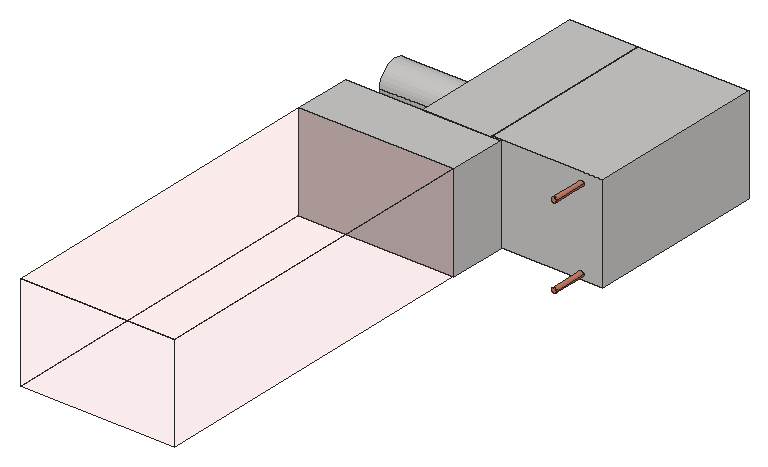
Revit family
Parameters (values of type "250 CFM - TSL - 04")
  Width = 1' - 7"
  Water Supply Connection Radius = if(1 = 1, Water Supply Connection Diameter / 2, 0' 0")  # 0' - 0 1/4"
  Water Supply Connection Diameter = if(and(Coil Row Count = 1, Number of Circuits < 2), 0' 0 1/2", if(and(Coil Row Count = 2, Number of Circuits < 2), 0' 0 5/8", if(and(Coil Row Count > 2, Number of Circuits < 2), 0' 0 7/8", if(and(Coil Row Count = 1, Number of Circuits > 1), 0' 0 5/8", if(and(Coil Row Count = 2, Number of Circuits > 1), 0' 0 5/8", if(and(Coil Row Count > 2, Number of Circuits > 1), 0' 0 7/8", 0' 0 1/2"))))))  # 1/2"
  Water Return Connection Radius = if(1 = 1, Water Return Connection Diameter / 2, 0' 0")  # 0' - 0 1/4"
  Water Return Connection Diameter = Water Supply Connection Diameter  # 1/2"
  Water Out Connector Description = "Heating Water Connection Outlet"  # constant formula
  Water In Connector Description = "Heating Water Connection Inlet"  # constant formula
  Water Connection Offset Length [instance] = Water Coil Pipe Length + CTRL Water Coil Connection Length  # 1' - 0 7/8"
  Water Coil Width = Width - 0' 0 1/4"  # 1' - 6 3/4"
  Water Coil Pipe Length = 0' - 3 1/2"
  Water Coil Length = 0' - 11 1/2"
  Water Coil Height = Height  # 0' - 10"
  Warning Box Material = Warning Box - Generic
  Voltage [instance] = 0 V
  Unit Size = "10"
  Unit Arrangement [instance] = ""
  URL = "http://www.johnsoncontrols.com/publish/us/en.html"
  Total Heating Capacity [instance] = 0.0 Btu/h
  Supply Total Static Pressure [instance] = 0.00 in-wg
  Supply Fan Nominal HP = ""
  Standard [instance] = not(Sound Attenuator)  # yes
  Sound Attenuator [instance] = no
  Serial Number [instance] = ""
  SCCR [instance] = ""
  Round Intake Air Connector Description = if(CTRL Round Intake, "Supply Intake Air", "Disabled")  # "Supply Intake Air"
  Right Hand Outlet Water Offset From Top = 0' - 1 1/8"
  Right Hand Outlet Water Offset = 0' - 2 1/4"
  Right Hand Inlet Water Offset From Bottom = 0' - 0 1/2"
  Right Hand Inlet Water Offset = 0' - 2 1/4"
  Right Hand Hot Water Coil [instance] = yes
  Right Hand Control [instance] = yes
  Return Fan Nominal HP = ""
  Rectangular Intake Air Connector Description = if(CTRL Round Intake, "Disabled", "Supply Intake Air")  # "Disabled"
  Radiated Sound Power Level [instance] = ""
  Number of Circuits = 0
  Minimum Primary Air Flow [instance] = 0 CFM
  Maximum Primary Air Flow [instance] = 0 CFM
  Intake Air Connection Radius = if(1 = 1, Intake Air Connection Width / 2, 1' 0")  # 0' - 1 15/16"
  Radiated Noise Criteria [instance] = 0
  Product Page URL = "http://www.johnsoncontrols.com/publish/us/en/products/building_efficiency/integrated_hvac_systems/Industrial___Commercial_HVAC_Equipment/airside_products/variable-air-volume.html"
  Product Documentation Link = "http://www.johnsoncontrols.com/publish/etc/medialib/jci/be/integrated_hvac_systems/hvac_equipment/airside/variable-air-volume.Par.93354.File.dat/130.13-EG2.pdf"
  Primary Air Valve Material = Metal - Stainless Steel - Brushed - JCI - 22 Gauge
  Power Factor = 0.95
  Outlet Duct Length = 0' - 1"
  OmniClass Title = "Variable Volume Air Terminal Units"  # constant formula
  OmniClass Number = "23.75.70.21.24.14"  # constant formula
  Offset Access Door Center = 0' - 0"
  Number of Poles [instance] = 1
  Model = "TSL"
  Minimum Air Flow = 0 CFM
  Maximum Noise Criteria [instance] = 0
  Maximum Air Flow = 0 CFM
  Manufacturer = "Johnson Controls, Inc."  # constant formula
  Main Box Length [instance] = Length - Water Coil Length  # 0' - 7"
  Length [instance] = if(Sound Attenuator, 3' 11", CTRL Length)  # 1' - 6 1/2"
  Left Hand Outlet Water Offset From Top = 0' - 1 1/8"
  Left Hand Outlet Water Offset = 0' - 2 1/4"
  Left Hand Inlet Water Offset From Bottom = 0' - 0 1/2"
  Left Hand Inlet Water Offset = 0' - 2 1/4"
  Leaving Air Temperature [instance] = 85 °F
  Keynote = "15700"
  Intake Air Connection Width = 3 7/8"
  Intake Air Connection Height = 3 7/8"
  Intake Air Collar Length = 0' - 10 1/2"
  Height = 0' - 10"
  Heating Water Leaving Temperature [instance] = 0 °F
  Heating Coil Water Pressure Drop [instance] = 0.00 psi
  Heating Coil Row Count = 1
  Heating Coil Air Pressure Drop [instance] = 0.00 in-wg
  Heating Air Flow [instance] = 0 CFM
  Full Load Current = 0 A
  Frame Material = Metal - Stainless Steel - Brushed - JCI - 22 Gauge
  Fan Motor Nominal HP = ""
  Family Revision Date = "05/07/2010"  # constant formula
  External Static Pressure [instance] = 0.50 in-wg
  Electrical Connection Description = "Power Connection"  # constant formula
  Discharge Sound Power Level [instance] = ""
  Discharge Noise Criteria [instance] = 0
  Discharge Air Connector Description = "Discharge Air Outlet"  # constant formula
  Discharge Air Connection Width = 8 3/4"
  Discharge Air Connection Height = 8 3/4"
  Description = "Single-Duct, Low Height, VAV Terminals"  # constant formula
  Copyright © = "© 2009, Johnson Controls, Inc"  # constant formula
  Control Description = "DDC Control"
  Control Box Width = 0' - 6"
  Control Box Length = 1' - 4"
  Control Box Height = 0' - 10"
  Coil Row Count = 0
  Coil Pipe Material = Metal - Copper - JCI
  Clearance Visible [instance] = yes
  Circuiting = ""
  CTRL Water Coil Connection Length [instance] = if(1 = 1, Water Coil Width / 2, 0' 0")  # 0' - 9 3/8"
  CTRL Warning Box [instance] = or(Actual Discharge Air Flow > Maximum Air Flow, Actual Discharge Air Flow < Minimum Air Flow)  # no
  CTRL WC Pipe Angle Position [instance] = if(Right Hand Hot Water Coil, 180.00°, 0.00°)  # 180.00°
  CTRL Round Intake = Width < 2' 6"  # yes
  CTRL Outlet Water Offset From Top [instance] = if(Right Hand Hot Water Coil, Right Hand Outlet Water Offset From Top, Left Hand Outlet Water Offset From Top)  # 0' - 1 1/8"
  CTRL Outlet Water Offset [instance] = if(Right Hand Hot Water Coil, Right Hand Outlet Water Offset, Left Hand Outlet Water Offset)  # 0' - 2 1/4"
  CTRL Length = 1' - 6 1/2"
  CTRL Inlet Water Offset From Bottom [instance] = if(Right Hand Hot Water Coil, Right Hand Inlet Water Offset From Bottom, Left Hand Inlet Water Offset From Bottom)  # 0' - 0 1/2"
  CTRL Inlet Water Offset [instance] = if(Right Hand Hot Water Coil, Right Hand Inlet Water Offset, Left Hand Inlet Water Offset)  # 0' - 2 1/4"
  CTRL Connection Length [instance] = if(1 = 1, Width / 2, 0' 0")  # 0' - 9 1/2"
  CTRL Connection Angle [instance] = if(Right Hand Control, 0.00°, 180.00°)  # 0.00°
  CTRL Clearance Offset [instance] = if(Right Hand Control, Control Box Width + Width + Control Box Width + Box Clearance, 0' 0")  # 5' - 7"
  Box Clearance = 3' - 0"
  Assembly Code = "D3040100"
  Apparent Load [instance] = 0 VA
  Actual Primary Air Flow [instance] = Actual Discharge Air Flow  # 0 CFM
  Actual Heating Water Flow [instance] = 0 GPM
  Actual Discharge Air Flow [instance] = 0 CFM
  Access Door Type [instance] = VAV_Terminal-JCI-Access_Door-7-Round : VAV_Terminal-JCI-Access_Door-7-Round
Reference planes (in)
  plane 1 "Center (Front/Back)": y = 0
  plane 2 "Bottom": z = 0
  plane 3 "Center (Left/Right)": x = 0
  plane 4 "Main Box Left": x = -9.25
  plane 5 "Water Coil Right": x = 9.25
  plane 6 "Main Box Back": y = 9.5
  plane 7 "Main Box Front": y = -9.5
  plane 8 "Top": z = 10
  plane 9 "Intake Duct Left": x = -19.75
  plane 10 "Water Coil Left": x = -2.25
  plane 11 "Water Coil Back": y = 9.375
  plane 12 "Water Coil Front": y = -9.375
  plane 13 "Intake Duct Front": y = -1.9375
  plane 14 "Intake Duct Back": y = 1.9375
  plane 15 "Duct Connection Top": z = 6.9375
  plane 16 "Center (Elevation)": z = 5
  plane 17 "Duct Connection Bottom": z = 3.0625
  plane 18 "Center Outlet Water": x = 7
  plane 19 "Center Inlet Water": x = 7
  plane 20 "Control Back": y = 15.5
  plane 21: y = -51.5
  plane 22 "Access Door Center": x = 0
  plane 23 "Outlet Duct": x = 1
  plane 24 "Electrical Hole Center": x = -13.75
  plane 25 "Outlet Pipe Center": z = 8.875
  plane 26 "Inlet Center": z = 0.5
  plane 27 "Warning Box Right": x = 11.25
  plane 28 "Warning Box Left": x = -21.75
  plane 29 "Warning Box Back": y = 17.5
  plane 30 "Warning Box Front": y = -16.5
  plane 31 "Warning Box Top": z = 12
  plane 32 "Warning Box Bottom": z = -2
Forms (in)
  Revolve 1, void
    sketch origin (-13.75, 0, 0) x (0, -1, 0) y (0, 0, 1)
      loop
        line (9.50475, 5) -> (9.25475, 5) -> (9.25475, 4.75) -> (9.50475, 4.75) -> (9.50475, 5)
      axis (9.25475, 5) -> (9.50475, 5)
    angle from 0 to 360
  Revolve 2, void
    sketch origin (7, 0, 0) x (0, -1, 0) y (0, 0, 1)
      loop
        line (12.625, 8.875) -> (12.875, 8.875) -> (12.875, 9.125) -> (12.625, 9.125) -> (12.625, 8.875)
      axis (12.625, 8.875) -> (12.875, 8.875)
    angle from 0 to 360
  Revolve 3, void
    sketch origin (7, 0, 0) x (0, -1, 0) y (0, 0, 1)
      loop
        line (12.625, 0.5) -> (12.875, 0.5) -> (12.875, 0.75) -> (12.625, 0.75) -> (12.625, 0.5)
      axis (12.625, 0.5) -> (12.875, 0.5)
    angle from 0 to 360
  Extrusion 4, solid, material "Warning Box - Generic" <- "Warning Box Material", visible <- "CTRL Warning Box"
    sketch origin (0, 0, 0) x (1, 0, 0) y (0, 0, 1)
      loop
        line (-21.75, 12) -> (-21.75, -2) -> (11.25, -2) -> (11.25, 12) -> (-21.75, 12)
    from -17.5 to 16.5
Lines and regions (in)
  Masking region 1, visible <- "CTRL Warning Box"
    outline origin (0, 0, 0) x (1, 0, 0) y (0, 1, 0)
      loop
        line (-21.75, 17.5) -> (-21.75, -16.5) -> (11.25, -16.5) -> (11.25, 17.5) -> (-21.75, 17.5)
  Masking region 2, visible <- "CTRL Warning Box"
    outline origin (0, 0, 0) x (1, 0, 0) y (0, 0, 1)
      loop
        line (-21.75, 12) -> (-21.75, -2) -> (11.25, -2) -> (11.25, 12) -> (-21.75, 12)
  Masking region 3, visible <- "CTRL Warning Box"
    outline origin (-13.75, 0, 0) x (0, -1, 0) y (0, 0, 1)
      loop
        line (-17.5, 12) -> (-17.5, -2) -> (16.5, -2) -> (16.5, 12) -> (-17.5, 12)
Dimensions and locks (in)
  equal spacing: plane 4 "Main Box Left", plane 3 "Center (Left/Right)", plane 5 "Water Coil Right"
  "Length": plane 4 "Main Box Left" to plane 5 "Water Coil Right"
  equal spacing: plane 6 "Main Box Back", plane 1 "Center (Front/Back)", plane 7 "Main Box Front"
  "Width": plane 6 "Main Box Back" to plane 7 "Main Box Front"
  "Height": plane 8 "Top" to plane 2 "Bottom"
  "Intake Air Collar Length": plane 9 "Intake Duct Left" to plane 4 "Main Box Left"
  "Water Coil Length": plane 10 "Water Coil Left" to plane 5 "Water Coil Right"
  "Water Coil Width": plane 11 "Water Coil Back" to plane 12 "Water Coil Front"
  equal spacing: plane 11 "Water Coil Back", plane 1 "Center (Front/Back)", plane 12 "Water Coil Front"
  equal spacing: plane 14 "Intake Duct Back", plane 1 "Center (Front/Back)", plane 13 "Intake Duct Front"
  "Intake Air Connection Width": plane 14 "Intake Duct Back" to plane 13 "Intake Duct Front"
  equal spacing: plane 8 "Top", plane 16 "Center (Elevation)", plane 2 "Bottom"
  "Intake Air Connection Height": plane 15 "Duct Connection Top" to plane 17 "Duct Connection Bottom"
  equal spacing: plane 15 "Duct Connection Top", plane 16 "Center (Elevation)", plane 17 "Duct Connection Bottom"
  "CTRL Outlet Water Offset": plane 18 "Center Outlet Water" to plane 5 "Water Coil Right"
  "CTRL Inlet Water Offset": plane 19 "Center Inlet Water" to plane 5 "Water Coil Right"
  "Control Box Width": plane 20 "Control Back" to plane 6 "Main Box Back"
  "CTRL Clearance Offset": plane 20 "Control Back" to plane 21
  "Offset Access Door Center": plane 22 "Access Door Center" to plane 3 "Center (Left/Right)"
  "Outlet Duct Length": plane 3 "Center (Left/Right)" to plane 23 "Outlet Duct"
  locked: plane 24 "Electrical Hole Center" to plane 4 "Main Box Left" at 4.5
  "CTRL Connection Length": Revolve 1 sketch curve to Revolve 1 sketch curve
  locked: Revolve 1 sketch curve to Revolve 1 sketch curve at 0.25  (x2)
  locked: plane 8 "Top" to plane 25 "Outlet Pipe Center" at 1.125
  locked: plane 26 "Inlet Center" to plane 2 "Bottom" at 0.5
  locked: plane 28 "Warning Box Left" to plane 9 "Intake Duct Left" at 2
  locked: plane 5 "Water Coil Right" to plane 27 "Warning Box Right" at 2
  locked: plane 30 "Warning Box Front" to plane 7 "Main Box Front" at 7
  locked: plane 29 "Warning Box Back" to plane 20 "Control Back" at 2
  locked: plane 31 "Warning Box Top" to plane 8 "Top" at 2
  locked: plane 2 "Bottom" to plane 32 "Warning Box Bottom" at 2
  "Water Connection Offset Length": Revolve 3 sketch curve to Revolve 3 sketch curve
  "Water Connection Offset Length": Revolve 2 sketch curve to Revolve 2 sketch curve
  locked: Revolve 3 sketch curve to Revolve 3 sketch curve at 0.25  (x2)
  locked: Revolve 2 sketch curve to Revolve 2 sketch curve at 0.25  (x2)
  "CTRL Connection Angle": angle plane 16 "Center (Elevation)" to Revolve 1 sketch curve
  locked: Revolve 1 sketch curve to Revolve 1 sketch curve (angle 90.00°)  (x3)
  "CTRL WC Pipe Angle Position": angle plane 25 "Outlet Pipe Center" to Revolve 2 sketch curve
  "CTRL WC Pipe Angle Position": angle plane 2 "Bottom" to Revolve 3 sketch curve
  locked: Revolve 3 sketch curve to Revolve 3 sketch curve (angle 90.00°)  (x4)
  locked: Revolve 2 sketch curve to Revolve 2 sketch curve (angle 90.00°)  (x4)
  aligned and locked: plane 5 "Water Coil Right" to nested 1
  aligned and locked: plane 4 "Main Box Left" to nested 2
  aligned and locked: plane 1 "Center (Front/Back)" to nested 2
  aligned and locked: plane 1 "Center (Front/Back)" to nested 1
  aligned and locked: plane 8 "Top" to nested 2
  aligned and locked: plane 8 "Top" to nested 1
  aligned and locked: plane 21 to nested 3
  aligned and locked: nested 4 to plane 4 "Main Box Left"
  aligned and locked: nested 4 to plane 7 "Main Box Front"
  aligned and locked: nested 3 to plane 4 "Main Box Left"
  aligned and locked: plane 22 "Access Door Center" to nested 5
  aligned and locked: plane 2 "Bottom" to nested 5
  aligned and locked: plane 1 "Center (Front/Back)" to nested 5
  aligned and locked: plane 1 "Center (Front/Back)" to Revolve 1 sketch curve
  aligned and locked: plane 16 "Center (Elevation)" to Revolve 1 sketch curve
  aligned and locked: Revolve 1 sketch curve to Revolve 1 sketch curve  (x2)
  aligned and locked: plane 1 "Center (Front/Back)" to Revolve 2 sketch curve
  aligned and locked: plane 25 "Outlet Pipe Center" to Revolve 2 sketch curve
  aligned and locked: Revolve 2 sketch curve to Revolve 2 sketch curve  (x2)
  aligned and locked: plane 1 "Center (Front/Back)" to Revolve 3 sketch curve
  aligned and locked: plane 26 "Inlet Center" to Revolve 3 sketch curve
  aligned and locked: Revolve 3 sketch curve to Revolve 3 sketch curve  (x2)
  aligned and locked: Extrusion 4 sketch curve to plane 31 "Warning Box Top"
  aligned and locked: plane 32 "Warning Box Bottom" to Extrusion 4 sketch curve
  aligned and locked: Extrusion 4 sketch curve to plane 27 "Warning Box Right"
  aligned and locked: Extrusion 4 sketch curve to plane 28 "Warning Box Left"
  aligned and locked: plane 30 "Warning Box Front" to Extrusion 4
  aligned and locked: plane 29 "Warning Box Back" to Extrusion 4
  aligned and locked: plane 2 "Bottom" to nested 3
  aligned and locked: plane 2 "Bottom" to nested 4
  aligned and locked: Masking region 1 sketch curve to plane 29 "Warning Box Back"
  aligned and locked: Masking region 1 sketch curve to plane 28 "Warning Box Left"
  aligned and locked: Masking region 1 sketch curve to plane 30 "Warning Box Front"
  aligned and locked: Masking region 1 sketch curve to plane 27 "Warning Box Right"
  aligned and locked: Masking region 2 sketch curve to plane 28 "Warning Box Left"
  aligned and locked: Masking region 2 sketch curve to plane 27 "Warning Box Right"
  aligned and locked: Masking region 2 sketch curve to plane 31 "Warning Box Top"
  aligned and locked: plane 32 "Warning Box Bottom" to Masking region 2 sketch curve
  aligned and locked: Masking region 3 sketch curve to plane 29 "Warning Box Back"
  aligned and locked: Masking region 3 sketch curve to plane 31 "Warning Box Top"
  aligned and locked: Masking region 3 sketch curve to plane 30 "Warning Box Front"
  aligned and locked: plane 32 "Warning Box Bottom" to Masking region 3 sketch curve
Automatic sketch dimensions
  Revolve 1 sketch curve to Revolve 1 sketch curve = 0' - 0"
Nested families (in)
  nested 1: "VAV_Terminal-JCI-Water_Coil" at (3.5, 0, 0), type "VAV_Terminal-JCI-Water_Coil"
    with Right Hand yes, Pipe Radius 0' - 0 1/4", Pipe Diameter 0' - 0 1/2", Left Hand Outlet Offset From Top 0' - 1 1/8", Left Hand Inlet Offset From Bottom 0' - 0 1/2", Left Hand no, CTRL Outlet Offset From Top 0' - 1 1/8", CTRL Inlet Offset From Bottom 0' - 0 1/2"
  nested 2: "VAV_Terminal-JCI-Main_Box" at (-5.75, 0, 0), Round Duct <- "CTRL Round Intake", type "Main Box"
    with Square Duct no, Round Duct yes, Length 0' - 7"
  nested 3: "Include Clearance" at (-9.25, -33.5, 0), visible <- "Clearance Visible", type "Include Clearance"
    with Width 1' - 4", Height 0' - 10", Clearance Top 0' - 0", Clearance Right 0' - 0", Clearance Left 0' - 0", Clearance Front 0' - 0", Clearance Bottom 0' - 0", Clearance Back 0' - 0"
  nested 4: "VAV_Terminal-JCI-Electrical_Control_Enclosure" at (-9.25, 0, 0), type "Controls"
  nested 5: "VAV_Terminal-JCI-Access_Door-7-Round" at (0, 0, -1.5), type <- "Access Door Type", type "VAV_Terminal-JCI-Access_Door-7-Round"
Connectors (in)
  electrical at (-13.75, -9.50475, 5), driven by "Power Factor", driven by "Apparent Load", driven by "Voltage", driven by "Number of Poles", driven by "Electrical Connection Description"
    settings: on Revolve 1, index 1
  hvac at (-19.75, 0, 5), driven by "Actual Primary Air Flow", driven by "Intake Air Connection Height", driven by "Intake Air Connection Width", driven by "Rectangular Intake Air Connector Description"
    settings: on nested 2, index 2
  hvac at (-19.75, 0, 5), driven by "Intake Air Connection Radius", driven by "Actual Primary Air Flow", driven by "Round Intake Air Connector Description"
    settings: on nested 2, index 3
  hvac at (9.25, 0, 5), driven by "Actual Discharge Air Flow", driven by "Discharge Air Connection Height", driven by "Discharge Air Connection Width", driven by "Discharge Air Connector Description"
    settings: on nested 1, index 4
  piping at (7, -12.875, 0.5), driven by "Actual Heating Water Flow", driven by "Water Supply Connection Radius", driven by "Water In Connector Description"
    settings: on Revolve 3, index 6
  piping at (7, -12.875, 8.875), driven by "Actual Heating Water Flow", driven by "Water Return Connection Radius", driven by "Water Out Connector Description"
    settings: on Revolve 2, index 7
Definition of nested family "VAV_Terminal-JCI-Water_Coil"
  Parameters (values of type "VAV_Terminal-JCI-Water_Coil")
    Width = 1' - 6 3/4"
    Right Hand Outlet Water Offset = 0' - 2 1/4"
    Right Hand Outlet Offset From Top = 0' - 1 1/8"
    Right Hand Inlet Water Offset = 0' - 2 1/4"
    Right Hand Inlet Offset From Bottom = 0' - 0 1/2"
    Right Hand = no
    Pipe Radius = if(1 = 1, Pipe Diameter / 2, 0' 0")  # 0' - 0 7/16"
    Pipe Length = 0' - 3 1/2"
    Pipe Diameter = 0' - 0 7/8"
    Model = "TSS"  # constant formula
    Material = Metal - Stainless Steel - Brushed - JCI - 22 Gauge
    Manufacturer = "Johnson Controls, Inc."  # constant formula
    Length = 0' - 11 1/2"
    Left Hand Outlet Water Offset = 0' - 2 1/4"
    Left Hand Outlet Offset From Top = 0' - 0 1/2"
    Left Hand Inlet Water Offset = 0' - 2 1/4"
    Left Hand Inlet Offset From Bottom = 0' - 1 1/8"
    Left Hand = not(Right Hand)  # yes
    Height = 0' - 10"
    Coil Pipe Material = Metal - Copper - JCI
    CTRL Outlet Water Offset = if(Right Hand, Right Hand Outlet Water Offset, Left Hand Outlet Water Offset)  # 0' - 2 1/4"
    CTRL Outlet Offset From Top = if(Right Hand, Right Hand Outlet Offset From Top, Left Hand Outlet Offset From Top)  # 0' - 0 1/2"
    CTRL Inlet Water Offset = if(Right Hand, Right Hand Inlet Water Offset, Left Hand Outlet Water Offset)  # 0' - 2 1/4"
    CTRL Inlet Offset From Bottom = if(Right Hand, Right Hand Inlet Offset From Bottom, Left Hand Inlet Offset From Bottom)  # 0' - 1 1/8"
    Assembly Code = ""
  Reference planes (in)
    plane 1 "Center (Front/Back)": y = 0
    plane 2 "Bottom": z = 0
    plane 3 "Center (Left/Right)": x = 0
    plane 4 "Back": y = 9.375
    plane 5 "Front": y = -9.375
    plane 6 "Left": x = -5.75
    plane 7 "Right": x = 5.75
    plane 8 "Top": z = 10
    plane 9 "Right Pipe Connections": y = -12.875
    plane 10: z = 5
    plane 11 "Top Pipe": z = 9.5
    plane 12 "Bottom Pipe": z = 1.125
    plane 13 "Top Pipe Top": z = 9.9375
    plane 14 "Top Pipe Bottom": z = 9.0625
    plane 15 "Bottom Pipe Top": z = 1.5625
    plane 16 "Bottom Pipe Bottom": z = 0.6875
    plane 17 "Left Pipe Connections": y = 12.875
    plane 18 "Outlet Pipe Right": x = 3.9375
    plane 19 "Outlet Pipe Center": x = 3.5
    plane 20 "Outlet Pipe Left": x = 3.0625
    plane 21 "Inlet Pipe Right": x = 3.9375
    plane 22 "Inlet Pipe Center": x = 3.5
    plane 23 "Inlet Pipe Left": x = 3.0625
  Forms (in)
    Extrusion 1, solid, material "Metal - Stainless Steel - Brushed - JCI - 22 Gauge" <- "Material", detail levels medium+fine
      sketch origin (0, 0, 0) x (1, 0, 0) y (0, 1, 0)
        loop
          line (-5.75, 9.375) -> (-5.75, -9.375) -> (5.75, -9.375) -> (5.75, 9.375) -> (-5.75, 9.375)
      from 0 to 10
    Extrusion 2, solid, material "Metal - Copper - JCI" <- "Coil Pipe Material", visible <- "Right Hand", detail levels fine
      sketch origin (0, 0, 0) x (1, 0, 0) y (0, 0, 1)
        loop
          circle (3.5, 1.125) r 0.4375
        loop
          circle (3.5, 9.5) r 0.4375
      from 9.375 to 12.875
    Extrusion 3, solid, material "Metal - Copper - JCI" <- "Coil Pipe Material", visible <- "Left Hand", detail levels fine
      sketch origin (0, -12.875, 0) x (-1, 0, 0) y (0, 0, -1)
        loop
          circle (-3.5, -9.5) r 0.4375
        loop
          circle (-3.5, -1.125) r 0.4375
      from -25.75 to -22.25
  Lines and regions (in)
    Masking region 1
      outline origin (0, 0, 0) x (1, 0, 0) y (0, 0, 1)
        loop
          line (-5.75, 10) -> (-5.75, 0) -> (5.75, 0) -> (5.75, 10) -> (-5.75, 10)
    Masking region 2, visible <- "Right Hand"
      outline origin (0, -12.875, 0) x (-1, 0, 0) y (0, 0, 1)
        loop
          circle (-3.5, 9.5) r 0.4375
        loop
          circle (-3.5, 1.125) r 0.4375
    Masking region 3
      outline origin (0, 0, 10) x (-1, 0, 0) y (0, -1, 0)
        loop
          line (5.75, -9.375) -> (5.75, 9.375) -> (-5.75, 9.375) -> (-5.75, -9.375) -> (5.75, -9.375)
    Masking region 4, visible <- "Right Hand", detail levels fine
      outline origin (0, 0, 9.5) x (-1, 0, 0) y (0, -1, 0)
        loop
          line (-3.0625, 9.375) -> (-3.0625, 12.875) -> (-3.9375, 12.875) -> (-3.9375, 9.375) -> (-3.0625, 9.375)
    Masking region 5, visible <- "Left Hand", detail levels fine
      outline origin (0, 0, 1.5625) x (-1, 0, 0) y (0, -1, 0)
        loop
          line (-3.0625, -9.375) -> (-3.9375, -9.375) -> (-3.9375, -12.875) -> (-3.0625, -12.875) -> (-3.0625, -9.375)
    Masking region 6, visible <- "Left Hand"
      outline origin (0, 12.875, 0) x (-1, 0, 0) y (0, 0, 1)
        loop
          circle (-3.5, 9.5) r 0.4375
        loop
          circle (-3.5, 1.125) r 0.4375
    Masking region 7
      outline origin (0, 0, 0) x (0, 1, 0) y (0, 0, 1)
        loop
          line (-9.375, 10) -> (-9.375, 0) -> (9.375, 0) -> (9.375, 10) -> (-9.375, 10)
    Masking region 8, visible <- "Right Hand", detail levels fine
      outline origin (0, 0, 0) x (0, 1, 0) y (0, 0, 1)
        loop
          line (-12.875, 9.9375) -> (-12.875, 9.0625) -> (-9.375, 9.0625) -> (-9.375, 9.9375) -> (-12.875, 9.9375)
        loop
          line (-12.875, 1.5625) -> (-12.875, 0.6875) -> (-9.375, 0.6875) -> (-9.375, 1.5625) -> (-12.875, 1.5625)
    Masking region 9, visible <- "Left Hand", detail levels fine
      outline origin (0, 0, 0) x (0, 1, 0) y (0, 0, 1)
        loop
          line (9.375, 9.9375) -> (9.375, 9.0625) -> (12.875, 9.0625) -> (12.875, 9.9375) -> (9.375, 9.9375)
        loop
          line (9.375, 1.5625) -> (9.375, 0.6875) -> (12.875, 0.6875) -> (12.875, 1.5625) -> (9.375, 1.5625)
    Masking region 10, visible <- "Left Hand", detail levels fine
      outline origin (0, 0, 9.5) x (-1, 0, 0) y (0, -1, 0)
        loop
          line (-3.0625, -12.875) -> (-3.0625, -9.375) -> (-3.9375, -9.375) -> (-3.9375, -12.875) -> (-3.0625, -12.875)
    Masking region 11, visible <- "Right Hand", detail levels fine
      outline origin (0, 0, 1.5625) x (-1, 0, 0) y (0, -1, 0)
        loop
          line (-3.0625, 9.375) -> (-3.0625, 12.875) -> (-3.9375, 12.875) -> (-3.9375, 9.375) -> (-3.0625, 9.375)
    model lines, style "Water Coil", detail levels coarse
      curve 1: line (-5.75, 9.375, 10) -> (5.75, 9.375, 10)
      curve 2: line (-5.75, -9.375, 10) -> (-5.75, 9.375, 10)
      curve 3: line (5.75, -9.375, 10) -> (-5.75, -9.375, 10)
      curve 4: line (5.75, 9.375, 10) -> (5.75, -9.375, 10)
      curve 5: line (-5.75, 9.375, 0) -> (5.75, 9.375, 0)
      curve 6: line (-5.75, -9.375, 0) -> (-5.75, 9.375, 0)
      curve 7: line (5.75, -9.375, 0) -> (-5.75, -9.375, 0)
      curve 8: line (5.75, 9.375, 0) -> (5.75, -9.375, 0)
      curve 9: line (-5.75, 9.375, 0) -> (-5.75, 9.375, 10)
      curve 10: line (5.75, 9.375, 0) -> (5.75, 9.375, 10)
      curve 11: line (-5.75, -9.375, 0) -> (-5.75, -9.375, 10)
      curve 12: line (5.75, -9.375, 0) -> (5.75, -9.375, 10)
    model lines, style "Water Coil", visible <- "Right Hand", detail levels coarse+medium
      curve 13: line (3.5, -12.875, 9.5) -> (3.5, -9.375, 9.5)
      curve 16: line (3.5, -12.875, 1.125) -> (3.5, -9.375, 1.125)
    model lines, style "Water Coil", visible <- "Left Hand", detail levels coarse+medium
      curve 14: line (3.5, 9.375, 9.5) -> (3.5, 12.875, 9.5)
      curve 15: line (3.5, 9.375, 1.125) -> (3.5, 12.875, 1.125)
    symbolic lines, style "Water Coil", visible <- "Right Hand", detail levels coarse+medium
      curve 17: line (3.5, -12.875, 1.125) -> (3.5, -9.375, 1.125)
      curve 20: line (3.5, -12.875, 9.5) -> (3.5, -9.375, 9.5)
      curve 21: line (0, -12.875, 9.5) -> (0, -9.375, 9.5)
      curve 23: line (0, -12.875, 1.125) -> (0, -9.375, 1.125)
    symbolic lines, style "Water Coil", visible <- "Left Hand", detail levels coarse+medium
      curve 18: line (3.5, 9.375, 1.125) -> (3.5, 12.875, 1.125)
      curve 19: line (3.5, 9.375, 9.5) -> (3.5, 12.875, 9.5)
      curve 22: line (0, 9.375, 9.5) -> (0, 12.875, 9.5)
      curve 24: line (0, 9.375, 1.125) -> (0, 12.875, 1.125)
  Dimensions and locks (in)
    equal spacing: plane 5 "Front", plane 1 "Center (Front/Back)", plane 4 "Back"
    "Width": plane 5 "Front" to plane 4 "Back"
    equal spacing: plane 6 "Left", plane 3 "Center (Left/Right)", plane 7 "Right"
    "Length": plane 6 "Left" to plane 7 "Right"
    "Height": plane 8 "Top" to plane 2 "Bottom"
    equal spacing: plane 8 "Top", plane 10, plane 2 "Bottom"
    equal spacing: plane 13 "Top Pipe Top", plane 11 "Top Pipe", plane 14 "Top Pipe Bottom"
    equal spacing: plane 15 "Bottom Pipe Top", plane 12 "Bottom Pipe", plane 16 "Bottom Pipe Bottom"
    "Pipe Diameter": plane 15 "Bottom Pipe Top" to plane 16 "Bottom Pipe Bottom"
    "Pipe Diameter": plane 13 "Top Pipe Top" to plane 14 "Top Pipe Bottom"
    "CTRL Outlet Offset From Top": plane 8 "Top" to plane 11 "Top Pipe"
    "CTRL Inlet Offset From Bottom": plane 12 "Bottom Pipe" to plane 2 "Bottom"
    "Pipe Length": plane 17 "Left Pipe Connections" to plane 4 "Back"
    "Pipe Length": plane 9 "Right Pipe Connections" to plane 5 "Front"
    "CTRL Outlet Water Offset": plane 19 "Outlet Pipe Center" to plane 7 "Right"
    equal spacing: plane 20 "Outlet Pipe Left", plane 19 "Outlet Pipe Center", plane 18 "Outlet Pipe Right"
    "Pipe Diameter": plane 20 "Outlet Pipe Left" to plane 18 "Outlet Pipe Right"
    equal spacing: plane 23 "Inlet Pipe Left", plane 22 "Inlet Pipe Center", plane 21 "Inlet Pipe Right"
    "Pipe Diameter": plane 23 "Inlet Pipe Left" to plane 21 "Inlet Pipe Right"
    "CTRL Inlet Water Offset": plane 22 "Inlet Pipe Center" to plane 7 "Right"
    "Pipe Radius": plane 19 "Outlet Pipe Center" to Masking region 6 sketch curve
    "Pipe Radius": Masking region 6 sketch curve to plane 11 "Top Pipe"
    "Pipe Radius": plane 12 "Bottom Pipe" to Masking region 6 sketch curve
    "Pipe Radius": plane 22 "Inlet Pipe Center" to Masking region 6 sketch curve
    "Pipe Radius": plane 12 "Bottom Pipe" to Masking region 2 sketch curve
    "Pipe Radius": plane 22 "Inlet Pipe Center" to Masking region 2 sketch curve
    "Pipe Radius": plane 19 "Outlet Pipe Center" to Masking region 2 sketch curve
    "Pipe Radius": Masking region 2 sketch curve to plane 11 "Top Pipe"
    "Pipe Radius": plane 22 "Inlet Pipe Center" to Extrusion 3 sketch curve
    "Pipe Radius": plane 12 "Bottom Pipe" to Extrusion 3 sketch curve
    "Pipe Radius": plane 19 "Outlet Pipe Center" to Extrusion 3 sketch curve
    "Pipe Radius": Extrusion 3 sketch curve to plane 11 "Top Pipe"
    "Pipe Radius": plane 22 "Inlet Pipe Center" to Extrusion 2 sketch curve
    "Pipe Radius": plane 12 "Bottom Pipe" to Extrusion 2 sketch curve
    "Pipe Radius": Extrusion 2 sketch curve to plane 11 "Top Pipe"
    "Pipe Radius": plane 19 "Outlet Pipe Center" to Extrusion 2 sketch curve
    aligned and locked: Extrusion 1 sketch curve to plane 4 "Back"
    aligned and locked: Extrusion 1 sketch curve to plane 7 "Right"
    aligned and locked: Extrusion 1 sketch curve to plane 6 "Left"
    aligned and locked: Extrusion 1 sketch curve to plane 5 "Front"
    aligned and locked: Extrusion 1 to plane 2 "Bottom"
    aligned and locked: plane 8 "Top" to Extrusion 1
    aligned and locked: Extrusion 2 to plane 5 "Front"
    aligned and locked: plane 9 "Right Pipe Connections" to Extrusion 2
    aligned and locked: plane 2 "Bottom" to Masking region 1 sketch curve
    aligned and locked: Masking region 1 sketch curve to plane 8 "Top"
    aligned and locked: Masking region 1 sketch curve to plane 6 "Left"
    aligned and locked: Masking region 1 sketch curve to plane 7 "Right"
    aligned and locked: Masking region 3 sketch curve to plane 4 "Back"
    aligned and locked: Masking region 3 sketch curve to plane 7 "Right"
    aligned and locked: Masking region 3 sketch curve to plane 6 "Left"
    aligned and locked: Masking region 3 sketch curve to plane 5 "Front"
    aligned and locked: Masking region 4 sketch curve to plane 9 "Right Pipe Connections"
    aligned and locked: plane 5 "Front" to Masking region 4 sketch curve
    aligned and locked: curve 3 to plane 5 "Front"
    aligned and locked: curve 7 to plane 5 "Front"
    aligned and locked: curve 1 to plane 4 "Back"
    aligned and locked: curve 5 to plane 4 "Back"
    aligned and locked: curve 2 to plane 6 "Left"
    aligned and locked: curve 6 to plane 6 "Left"
    aligned and locked: curve 4 to plane 7 "Right"
    aligned and locked: curve 8 to plane 7 "Right"
    aligned and locked: plane 8 "Top" to curve 10
    aligned and locked: plane 8 "Top" to curve 12
    aligned and locked: plane 8 "Top" to curve 11
    aligned and locked: plane 8 "Top" to curve 9
    aligned and locked: plane 2 "Bottom" to curve 10
    aligned and locked: plane 2 "Bottom" to curve 12
    aligned and locked: plane 2 "Bottom" to curve 9
    aligned and locked: plane 2 "Bottom" to curve 11
    aligned and locked: curve 11 to plane 6 "Left"
    aligned and locked: curve 9 to plane 6 "Left"
    aligned and locked: plane 7 "Right" to curve 12
    aligned and locked: plane 7 "Right" to curve 10
    aligned and locked: plane 17 "Left Pipe Connections" to Masking region 5 sketch curve
    aligned and locked: Masking region 5 sketch curve to plane 4 "Back"
    aligned and locked: plane 2 "Bottom" to Masking region 7 sketch curve
    aligned and locked: Masking region 7 sketch curve to plane 4 "Back"
    aligned and locked: Masking region 7 sketch curve to plane 5 "Front"
    aligned and locked: Masking region 7 sketch curve to plane 8 "Top"
    aligned and locked: plane 5 "Front" to Masking region 8 sketch curve  (x2)
    aligned and locked: Masking region 8 sketch curve to plane 9 "Right Pipe Connections"  (x2)
    aligned and locked: plane 15 "Bottom Pipe Top" to Masking region 8 sketch curve
    aligned and locked: plane 16 "Bottom Pipe Bottom" to Masking region 8 sketch curve
    aligned and locked: Masking region 8 sketch curve to plane 14 "Top Pipe Bottom"
    aligned and locked: Masking region 8 sketch curve to plane 13 "Top Pipe Top"
    aligned and locked: plane 4 "Back" to Masking region 9 sketch curve  (x2)
    aligned and locked: Masking region 9 sketch curve to plane 17 "Left Pipe Connections"  (x2)
    aligned and locked: plane 15 "Bottom Pipe Top" to Masking region 9 sketch curve
    aligned and locked: plane 16 "Bottom Pipe Bottom" to Masking region 9 sketch curve
    aligned and locked: Masking region 9 sketch curve to plane 14 "Top Pipe Bottom"
    aligned and locked: Masking region 9 sketch curve to plane 13 "Top Pipe Top"
    aligned and locked: plane 17 "Left Pipe Connections" to Extrusion 3
    aligned and locked: Extrusion 3 to plane 4 "Back"
    aligned and locked: plane 21 "Inlet Pipe Right" to Masking region 5 sketch curve
    aligned and locked: plane 23 "Inlet Pipe Left" to Masking region 5 sketch curve
    aligned and locked: Masking region 10 sketch curve to plane 17 "Left Pipe Connections"
    aligned and locked: plane 4 "Back" to Masking region 10 sketch curve
    aligned and locked: Masking region 10 sketch curve to plane 18 "Outlet Pipe Right"
    aligned and locked: Masking region 10 sketch curve to plane 20 "Outlet Pipe Left"
    aligned and locked: Masking region 4 sketch curve to plane 21 "Inlet Pipe Right"
    aligned and locked: Masking region 4 sketch curve to plane 23 "Inlet Pipe Left"
    aligned and locked: plane 5 "Front" to Masking region 11 sketch curve
    aligned and locked: Masking region 11 sketch curve to plane 9 "Right Pipe Connections"
    aligned and locked: Masking region 11 sketch curve to plane 18 "Outlet Pipe Right"
    aligned and locked: Masking region 11 sketch curve to plane 20 "Outlet Pipe Left"
    aligned and locked: plane 17 "Left Pipe Connections" to curve 15
    aligned and locked: plane 4 "Back" to curve 15
    aligned and locked: plane 22 "Inlet Pipe Center" to curve 15
    aligned and locked: plane 17 "Left Pipe Connections" to curve 14
    aligned and locked: plane 4 "Back" to curve 14
    aligned and locked: plane 19 "Outlet Pipe Center" to curve 14
    aligned and locked: plane 5 "Front" to curve 16
    aligned and locked: plane 9 "Right Pipe Connections" to curve 16
    aligned and locked: plane 22 "Inlet Pipe Center" to curve 16
    aligned and locked: plane 9 "Right Pipe Connections" to curve 13
    aligned and locked: plane 5 "Front" to curve 13
    aligned and locked: plane 19 "Outlet Pipe Center" to curve 13
    aligned and locked: plane 5 "Front" to curve 17
    aligned and locked: plane 9 "Right Pipe Connections" to curve 17
    aligned and locked: plane 22 "Inlet Pipe Center" to curve 17
    aligned and locked: plane 17 "Left Pipe Connections" to curve 18
    aligned and locked: plane 4 "Back" to curve 18
    aligned and locked: plane 22 "Inlet Pipe Center" to curve 18
    aligned and locked: plane 17 "Left Pipe Connections" to curve 19
    aligned and locked: plane 4 "Back" to curve 19
    aligned and locked: plane 19 "Outlet Pipe Center" to curve 19
    aligned and locked: plane 5 "Front" to curve 20
    aligned and locked: plane 9 "Right Pipe Connections" to curve 20
    aligned and locked: plane 19 "Outlet Pipe Center" to curve 20
    aligned and locked: plane 9 "Right Pipe Connections" to curve 21
    aligned and locked: plane 5 "Front" to curve 21
    aligned and locked: curve 21 to plane 11 "Top Pipe"
    aligned and locked: plane 4 "Back" to curve 22
    aligned and locked: plane 17 "Left Pipe Connections" to curve 22
    aligned and locked: curve 22 to plane 11 "Top Pipe"
    aligned and locked: plane 17 "Left Pipe Connections" to curve 24
    aligned and locked: plane 4 "Back" to curve 24
    aligned and locked: plane 12 "Bottom Pipe" to curve 24
    aligned and locked: plane 5 "Front" to curve 23
    aligned and locked: plane 9 "Right Pipe Connections" to curve 23
    aligned and locked: plane 12 "Bottom Pipe" to curve 23
  Automatic sketch dimensions
    Extrusion 3 sketch curve to plane 12 "Bottom Pipe" = 0' - 0"
    Extrusion 3 sketch curve to plane 11 "Top Pipe" = 0' - 0"
    Masking region 5 sketch curve to plane 17 "Left Pipe Connections" = 0' - 0"
    Masking region 2 sketch curve to plane 11 "Top Pipe" = 0' - 0"
    Masking region 2 sketch curve to plane 12 "Bottom Pipe" = 0' - 0"
    Masking region 6 sketch curve to plane 11 "Top Pipe" = 0' - 0"
    Masking region 6 sketch curve to plane 12 "Bottom Pipe" = 0' - 0"
    Extrusion 2 sketch curve to plane 11 "Top Pipe" = 0' - 0"
    Extrusion 2 sketch curve to plane 12 "Bottom Pipe" = 0' - 0"
Definition of nested family "VAV_Terminal-JCI-Main_Box"
  Parameters (values of type "Main Box")
    Width = 1' - 7"
    Primary Air Valve Material = Metal - Stainless Steel - Brushed - JCI - 22 Gauge
    Outlet Duct Width = 0' - 8 3/4"
    Outlet Duct Length = 0' - 1"
    Outlet Duct Height = 0' - 8 3/4"
    Square Duct [instance] = not(Round Duct)  # no
    Round Duct Radius = if(1 = 1, Intake Duct Width / 2, 0' 0")  # 0' - 1 15/16"
    Round Duct [instance] = yes
    No Water Coil = no
    Material = Metal - Stainless Steel - Brushed - JCI - 22 Gauge
    Manufacturer = "Johnson Controls, Inc."  # constant formula
    Length = 2' - 11 1/2"
    Height = 0' - 10"
    Intake Duct Width = 0' - 3 7/8"
    Intake Duct Length = 0' - 10 1/2"
    Intake Duct Height = 0' - 3 7/8"
    Assembly Code = ""
  Reference planes (in)
    plane 1 "Center (Front/Back)": y = 0
    plane 2 "Bottom": z = 0
    plane 3 "Center (Left/Right)": x = 0
    plane 4 "Back": y = 9.5
    plane 5 "Front": y = -9.5
    plane 6 "Left": x = -17.75
    plane 7 "Right": x = 17.75
    plane 8 "Duct Left": x = -28.25
    plane 9 "Duct Back": y = 1.9375
    plane 10 "Duct Front": y = -1.9375
    plane 11 "Top": z = 10
    plane 12 "Center (Elevation)": z = 5
    plane 13 "Duct Top": z = 6.9375
    plane 14 "Duct Bottom": z = 3.0625
    plane 15 "Outlet Duct Front": y = -8.875
    plane 16 "Outlet Duct Back": y = -0.125
    plane 17 "Outlet Duct Bottom": z = 0.625
    plane 18 "Outlet Duct Top": z = 9.375
    plane 19 "Offset Right": x = 18.75
  Forms (in)
    Extrusion 1, solid, material "Metal - Stainless Steel - Brushed - JCI - 22 Gauge" <- "Material", detail levels medium+fine
      sketch origin (0, 0, 0) x (1, 0, 0) y (0, 1, 0)
        loop
          line (-17.75, 9.5) -> (-17.75, -9.5) -> (17.75, -9.5) -> (17.75, 9.5) -> (-17.75, 9.5)
      from 0 to 10
    Extrusion 2, solid, material "Metal - Stainless Steel - Brushed - JCI - 22 Gauge" <- "Primary Air Valve Material", visible <- "Round Duct", detail levels medium+fine
      sketch origin (0, 0, 0) x (0, 1, 0) y (0, 0, 1)
        loop
          circle (0, 5) r 1.9375
      from -28.25 to -17.75
    Extrusion 3, solid, material "Metal - Stainless Steel - Brushed - JCI - 22 Gauge" <- "Material", visible <- "No Water Coil", detail levels medium+fine
      sketch origin (0, 0, 0) x (1, 0, 0) y (0, 1, 0)
        loop
          line (18.75, -0.125) -> (17.75, -0.125) -> (17.75, -8.875) -> (18.75, -8.875) -> (18.75, -0.125)
      from 0.625 to 9.375
    Extrusion 4, solid, material "Metal - Stainless Steel - Brushed - JCI - 22 Gauge" <- "Primary Air Valve Material", visible <- "Square Duct", detail levels medium+fine
      sketch origin (0, 0, 10) x (-1, 0, 0) y (0, -1, 0)
        loop
          line (28.25, -1.9375) -> (28.25, 1.9375) -> (17.75, 1.9375) -> (17.75, -1.9375) -> (28.25, -1.9375)
      from -6.9375 to -3.0625
  Lines and regions (in)
    Masking region 1
      outline origin (0, 0, 10) x (-1, 0, 0) y (0, -1, 0)
        loop
          line (17.75, -9.5) -> (17.75, 9.5) -> (-17.75, 9.5) -> (-17.75, -9.5) -> (17.75, -9.5)
    Masking region 2
      outline origin (0, 0, 0) x (1, 0, 0) y (0, 0, 1)
        loop
          line (-28.25, 6.9375) -> (-28.25, 3.0625) -> (-17.75, 3.0625) -> (-17.75, 0) -> (17.75, 0) -> (17.75, 10) -> (-17.75, 10) -> (-17.75, 6.9375) -> (-28.25, 6.9375)
    Masking region 3
      outline origin (0, 0, 0) x (0, 1, 0) y (0, 0, 1)
        loop
          line (-9.5, 10) -> (-9.5, 0) -> (9.5, 0) -> (9.5, 10) -> (-9.5, 10)
    Masking region 4, visible <- "No Water Coil"
      outline origin (17.75, 0, 0) x (0, -1, 0) y (0, 0, 1)
        loop
          line (8.875, 9.375) -> (0.125, 9.375) -> (0.125, 0.625) -> (8.875, 0.625) -> (8.875, 9.375)
    Masking region 5, visible <- "Round Duct"
      outline origin (-28.25, 0, 0) x (0, -1, 0) y (0, 0, 1)
        loop
          circle (0, 5) r 1.9375
    Masking region 6, visible <- "Square Duct"
      outline origin (-28.25, 0, 0) x (0, -1, 0) y (0, 0, 1)
        loop
          line (1.9375, 6.9375) -> (-1.9375, 6.9375) -> (-1.9375, 3.0625) -> (1.9375, 3.0625) -> (1.9375, 6.9375)
    Masking region 7, visible <- "No Water Coil"
      outline origin (0, 0, 9.375) x (-1, 0, 0) y (0, -1, 0)
        loop
          line (-18.75, 0.125) -> (-17.75, 0.125) -> (-17.75, 8.875) -> (-18.75, 8.875) -> (-18.75, 0.125)
    Masking region 8, visible <- "No Water Coil"
      outline origin (0, 0, 0) x (1, 0, 0) y (0, 0, 1)
        loop
          line (18.75, 9.375) -> (17.75, 9.375) -> (17.75, 0.625) -> (18.75, 0.625) -> (18.75, 9.375)
    Masking region 9
      outline origin (0, 0, 5) x (-1, 0, 0) y (0, -1, 0)
        loop
          line (28.25, -1.9375) -> (28.25, 1.9375) -> (17.75, 1.9375) -> (17.75, -1.9375) -> (28.25, -1.9375)
    model lines, style "VAV Terminal", detail levels coarse
      curve 1: line (-17.75, 9.5, 10) -> (17.75, 9.5, 10)
      curve 2: line (-17.75, -9.5, 10) -> (-17.75, 9.5, 10)
      curve 3: line (17.75, -9.5, 10) -> (-17.75, -9.5, 10)
      curve 4: line (17.75, 9.5, 10) -> (17.75, -9.5, 10)
      curve 5: line (-17.75, 9.5, 0) -> (17.75, 9.5, 0)
      curve 6: line (-17.75, -9.5, 0) -> (-17.75, 9.5, 0)
      curve 7: line (17.75, -9.5, 0) -> (-17.75, -9.5, 0)
      curve 8: line (17.75, 9.5, 0) -> (17.75, -9.5, 0)
      curve 13: line (-17.75, -9.5, 0) -> (-17.75, -9.5, 10)
      curve 14: line (17.75, -9.5, 0) -> (17.75, -9.5, 10)
      curve 15: line (-17.75, 9.5, 0) -> (-17.75, 9.5, 10)
      curve 16: line (17.75, 9.5, 0) -> (17.75, 9.5, 10)
      curve 20: line (-17.75, 0, 5) -> (-28.25, 0, 5)
    model lines, style "VAV Terminal", visible <- "No Water Coil", detail levels coarse
      curve 9: line (17.75, -0.125, 9.375) -> (18.75, -0.125, 9.375)
      curve 10: line (18.75, -8.875, 9.375) -> (18.75, -0.125, 9.375)
      curve 11: line (18.75, -8.875, 9.375) -> (17.75, -8.875, 9.375)
      curve 12: line (17.75, -0.125, 9.375) -> (17.75, -8.875, 9.375)
      curve 17: line (17.75, -8.875, 0.625) -> (17.75, -8.875, 9.375)
      curve 18: line (17.75, -0.125, 0.625) -> (17.75, -0.125, 9.375)
      curve 21: line (17.75, -0.125, 0.625) -> (18.75, -0.125, 0.625)
      curve 22: line (18.75, -8.875, 0.625) -> (17.75, -8.875, 0.625)
      curve 23: line (17.75, -0.125, 0.625) -> (17.75, -8.875, 0.625)
    symbolic lines, style "VAV Terminal", detail levels medium+fine
      curve 19: line (-17.75, 0, 3.0625) -> (-17.75, 0, 6.9375)
    model lines, visible <- "No Water Coil", detail levels coarse
      curve 24: line (18.75, -8.875, 9.375) -> (18.75, -0.125, 9.375)
      curve 25: line (18.75, -8.875, 0.625) -> (18.75, -8.875, 9.375)
      curve 26: line (18.75, -0.125, 0.625) -> (18.75, -8.875, 0.625)
      curve 27: line (18.75, -0.125, 9.375) -> (18.75, -0.125, 0.625)
  Dimensions and locks (in)
    equal spacing: plane 5 "Front", plane 1 "Center (Front/Back)", plane 4 "Back"
    "Width": plane 5 "Front" to plane 4 "Back"
    equal spacing: plane 6 "Left", plane 3 "Center (Left/Right)", plane 7 "Right"
    "Length": plane 6 "Left" to plane 7 "Right"
    "Intake Duct Length": plane 8 "Duct Left" to plane 6 "Left"
    equal spacing: plane 10 "Duct Front", plane 1 "Center (Front/Back)", plane 9 "Duct Back"
    "Intake Duct Width": plane 10 "Duct Front" to plane 9 "Duct Back"
    "Height": plane 11 "Top" to plane 2 "Bottom"
    equal spacing: plane 11 "Top", plane 12 "Center (Elevation)", plane 2 "Bottom"
    equal spacing: plane 13 "Duct Top", plane 12 "Center (Elevation)", plane 14 "Duct Bottom"
    "Intake Duct Height": plane 13 "Duct Top" to plane 14 "Duct Bottom"
    plane 5 "Front" to plane 15 "Outlet Duct Front" = 0' - 0 5/8"
    "Outlet Duct Width": plane 15 "Outlet Duct Front" to plane 16 "Outlet Duct Back"
    locked: plane 17 "Outlet Duct Bottom" to plane 2 "Bottom" at 0.625
    "Outlet Duct Height": plane 18 "Outlet Duct Top" to plane 17 "Outlet Duct Bottom"
    "Round Duct Radius": Extrusion 2 sketch curve to plane 1 "Center (Front/Back)"
    "Round Duct Radius": plane 12 "Center (Elevation)" to Extrusion 2 sketch curve
    "Round Duct Radius": Masking region 5 sketch curve to plane 1 "Center (Front/Back)"
    "Round Duct Radius": plane 12 "Center (Elevation)" to Masking region 5 sketch curve
    "Outlet Duct Length": plane 7 "Right" to plane 19 "Offset Right"
    aligned and locked: Extrusion 1 sketch curve to plane 4 "Back"
    aligned and locked: Extrusion 1 sketch curve to plane 5 "Front"
    aligned and locked: Extrusion 1 sketch curve to plane 6 "Left"
    aligned and locked: Extrusion 1 to plane 2 "Bottom"
    aligned and locked: plane 11 "Top" to Extrusion 1
    aligned and locked: plane 8 "Duct Left" to Extrusion 2
    aligned and locked: Extrusion 2 to plane 6 "Left"
    aligned and locked: Extrusion 3 sketch curve to plane 16 "Outlet Duct Back"
    aligned and locked: Extrusion 3 sketch curve to plane 15 "Outlet Duct Front"
    aligned and locked: Extrusion 3 sketch curve to plane 7 "Right"
    aligned and locked: plane 17 "Outlet Duct Bottom" to Extrusion 3
    aligned and locked: plane 18 "Outlet Duct Top" to Extrusion 3
    aligned and locked: curve 2 to plane 6 "Left"
    aligned and locked: curve 6 to plane 6 "Left"
    aligned and locked: curve 1 to plane 4 "Back"
    aligned and locked: curve 5 to plane 4 "Back"
    aligned and locked: curve 3 to plane 5 "Front"
    aligned and locked: curve 7 to plane 5 "Front"
    aligned and locked: curve 9 to plane 16 "Outlet Duct Back"
    aligned and locked: curve 11 to plane 15 "Outlet Duct Front"
    aligned and locked: curve 12 to plane 7 "Right"
    aligned and locked: plane 11 "Top" to curve 16
    aligned and locked: plane 11 "Top" to curve 14
    aligned and locked: plane 11 "Top" to curve 13
    aligned and locked: plane 11 "Top" to curve 15
    aligned and locked: plane 2 "Bottom" to curve 16
    aligned and locked: plane 2 "Bottom" to curve 14
    aligned and locked: plane 2 "Bottom" to curve 13
    aligned and locked: plane 2 "Bottom" to curve 15
    aligned and locked: curve 13 to plane 6 "Left"
    aligned and locked: curve 15 to plane 6 "Left"
    aligned and locked: plane 18 "Outlet Duct Top" to curve 18
    aligned and locked: plane 18 "Outlet Duct Top" to curve 17
    aligned and locked: plane 17 "Outlet Duct Bottom" to curve 18
    aligned and locked: plane 17 "Outlet Duct Bottom" to curve 17
    aligned and locked: plane 7 "Right" to curve 17
    aligned and locked: plane 7 "Right" to curve 18
    aligned and locked: Masking region 1 sketch curve to plane 4 "Back"
    aligned and locked: Masking region 1 sketch curve to plane 5 "Front"
    aligned and locked: Masking region 1 sketch curve to plane 6 "Left"
    aligned and locked: Masking region 2 sketch curve to plane 8 "Duct Left"
    aligned and locked: Masking region 2 sketch curve to plane 13 "Duct Top"
    aligned and locked: Masking region 2 sketch curve to plane 14 "Duct Bottom"
    aligned and locked: plane 2 "Bottom" to Masking region 2 sketch curve
    aligned and locked: Masking region 2 sketch curve to plane 6 "Left"  (x2)
    aligned and locked: Masking region 2 sketch curve to plane 11 "Top"
    aligned and locked: plane 13 "Duct Top" to curve 19
    aligned and locked: plane 14 "Duct Bottom" to curve 19
    aligned and locked: curve 19 to plane 6 "Left"
    aligned and locked: Masking region 3 sketch curve to plane 11 "Top"
    aligned and locked: Masking region 3 sketch curve to plane 4 "Back"
    aligned and locked: plane 2 "Bottom" to Masking region 3 sketch curve
    aligned and locked: Masking region 3 sketch curve to plane 5 "Front"
    aligned and locked: Masking region 4 sketch curve to plane 18 "Outlet Duct Top"
    aligned and locked: Masking region 4 sketch curve to plane 16 "Outlet Duct Back"
    aligned and locked: Masking region 4 sketch curve to plane 17 "Outlet Duct Bottom"
    aligned and locked: Masking region 4 sketch curve to plane 15 "Outlet Duct Front"
    aligned and locked: plane 6 "Left" to Extrusion 4 sketch curve
    aligned and locked: Extrusion 4 sketch curve to plane 10 "Duct Front"
    aligned and locked: Extrusion 4 sketch curve to plane 8 "Duct Left"
    aligned and locked: Extrusion 4 sketch curve to plane 9 "Duct Back"
    aligned and locked: plane 14 "Duct Bottom" to Extrusion 4
    aligned and locked: plane 13 "Duct Top" to Extrusion 4
    aligned and locked: Masking region 6 sketch curve to plane 13 "Duct Top"
    aligned and locked: Masking region 6 sketch curve to plane 10 "Duct Front"
    aligned and locked: Masking region 6 sketch curve to plane 14 "Duct Bottom"
    aligned and locked: Masking region 6 sketch curve to plane 9 "Duct Back"
    aligned and locked: Masking region 7 sketch curve to plane 15 "Outlet Duct Front"
    aligned and locked: Masking region 7 sketch curve to plane 16 "Outlet Duct Back"
    aligned and locked: Masking region 7 sketch curve to plane 7 "Right"
    aligned and locked: Masking region 8 sketch curve to plane 17 "Outlet Duct Bottom"
    aligned and locked: Masking region 8 sketch curve to plane 18 "Outlet Duct Top"
    aligned and locked: Masking region 8 sketch curve to plane 7 "Right"
    aligned and locked: plane 8 "Duct Left" to curve 20
    aligned and locked: plane 6 "Left" to curve 20
    aligned and locked: curve 20 to plane 1 "Center (Front/Back)"
    aligned and locked: Masking region 9 sketch curve to plane 8 "Duct Left"
    aligned and locked: plane 6 "Left" to Masking region 9 sketch curve
    aligned and locked: Masking region 9 sketch curve to plane 10 "Duct Front"
    aligned and locked: Masking region 9 sketch curve to plane 9 "Duct Back"
    aligned and locked: curve 22 to plane 15 "Outlet Duct Front"
    aligned and locked: curve 21 to plane 16 "Outlet Duct Back"
    aligned and locked: curve 23 to plane 7 "Right"
    aligned and locked: Masking region 7 sketch curve to plane 19 "Offset Right"
    aligned and locked: Extrusion 3 sketch curve to plane 19 "Offset Right"
    aligned and locked: Masking region 8 sketch curve to plane 19 "Offset Right"
    aligned and locked: curve 10 to Extrusion 3
    aligned and locked: curve 25 to plane 15 "Outlet Duct Front"
    aligned and locked: curve 24 to plane 18 "Outlet Duct Top"
    aligned and locked: curve 27 to plane 16 "Outlet Duct Back"
    aligned and locked: curve 26 to plane 17 "Outlet Duct Bottom"
    aligned and locked: plane 7 "Right" to Extrusion 1
    aligned and locked: Masking region 1 sketch curve to plane 7 "Right"
    aligned and locked: Masking region 2 sketch curve to plane 7 "Right"
    aligned and locked: curve 16 to plane 7 "Right"
    aligned and locked: curve 14 to plane 7 "Right"
    aligned and locked: curve 4 to plane 7 "Right"
    aligned and locked: curve 8 to plane 7 "Right"
  Automatic sketch dimensions
    Extrusion 2 sketch curve to plane 12 "Center (Elevation)" = 0' - 0"
    Masking region 5 sketch curve to plane 12 "Center (Elevation)" = 0' - 0"
    Extrusion 1 sketch curve to plane 7 "Right" = 0' - 0"
    curve 21 to plane 19 "Offset Right" = 0' - 0"
    curve 22 to plane 19 "Offset Right" = 0' - 0"
Definition of nested family "Include Clearance"
  Parameters (values of type "Include Clearance")
    Width = 3' - 0"
    Height = 3' - 0"
    Depth = 3' - 0"
    Clearance Top = 0' - 6"
    Clearance Right = 0' - 6"
    Clearance Material = Clearance
    Clearance Left = 0' - 6"
    Clearance Front = 0' - 6"
    Clearance Bottom = 0' - 6"
    Clearance Back = 0' - 6"
    Assembly Code = ""
  Reference planes (in)
    plane 1 "Center (Front/Back)": y = 0
    plane 2 "Bottom": z = 0
    plane 3 "Center (Left/Right)": x = 0
    plane 4 "Clearance Front": y = -24
    plane 5 "Top": z = 36
    plane 6 "Back": y = 18
    plane 7 "Left": x = -18
    plane 8 "Front": y = -18
    plane 9 "Right": x = 18
    plane 10 "Clearance Back": y = 24
    plane 11 "Clearance Left": x = -24
    plane 12 "Clearance Right": x = 24
    plane 13 "Clearance Top": z = 42
    plane 14 "Clearance Bottom": z = -6
    plane 15 "Center (Elevation)": z = 18
  Forms (in)
    Extrusion 1, solid, material "Clearance" <- "Clearance Material"
      sketch origin (0, 0, 36) x (-1, 0, 0) y (0, -1, 0)
        loop
          line (24, -24) -> (24, 24) -> (-24, 24) -> (-24, -24) -> (24, -24)
      from -42 to 6
  Lines and regions (in)
    symbolic lines, style "Clearance"
      curve 1: line (-24, 24, 36) -> (24, 24, 36)
      curve 2: line (-24, -24, 36) -> (-24, 24, 36)
      curve 3: line (24, -24, 36) -> (-24, -24, 36)
      curve 4: line (24, 24, 36) -> (24, -24, 36)
      curve 5: line (-24, 0, 42) -> (24, 0, 42)
      curve 6: line (-24, 0, -6) -> (-24, 0, 42)
      curve 7: line (24, 0, -6) -> (-24, 0, -6)
      curve 8: line (24, 0, 42) -> (24, 0, -6)
      curve 9: line (0, -24, 42) -> (0, 24, 42)
      curve 10: line (0, -24, -6) -> (0, -24, 42)
      curve 11: line (0, 24, -6) -> (0, -24, -6)
      curve 12: line (0, 24, 42) -> (0, 24, -6)
  Dimensions and locks (in)
    "Height": plane 5 "Top" to plane 2 "Bottom"
    "Depth": plane 6 "Back" to plane 8 "Front"
    "Width": plane 7 "Left" to plane 9 "Right"
    equal spacing: plane 7 "Left", plane 3 "Center (Left/Right)", plane 9 "Right"
    equal spacing: plane 6 "Back", plane 1 "Center (Front/Back)", plane 8 "Front"
    "Clearance Bottom": plane 2 "Bottom" to plane 14 "Clearance Bottom"
    "Clearance Top": plane 13 "Clearance Top" to plane 5 "Top"
    "Clearance Left": plane 11 "Clearance Left" to plane 7 "Left"
    "Clearance Right": plane 9 "Right" to plane 12 "Clearance Right"
    "Clearance Back": plane 10 "Clearance Back" to plane 6 "Back"
    "Clearance Front": plane 4 "Clearance Front" to plane 8 "Front"
    equal spacing: plane 5 "Top", plane 15 "Center (Elevation)", plane 2 "Bottom"
    aligned and locked: level to plane 2 "Bottom"
    aligned and locked: Extrusion 1 sketch curve to plane 10 "Clearance Back"
    aligned and locked: Extrusion 1 sketch curve to plane 11 "Clearance Left"
    aligned and locked: Extrusion 1 sketch curve to plane 12 "Clearance Right"
    aligned and locked: Extrusion 1 sketch curve to plane 4 "Clearance Front"
    aligned and locked: plane 14 "Clearance Bottom" to Extrusion 1
    aligned and locked: plane 13 "Clearance Top" to Extrusion 1
    aligned and locked: curve 1 to plane 10 "Clearance Back"
    aligned and locked: curve 2 to plane 11 "Clearance Left"
    aligned and locked: curve 4 to plane 12 "Clearance Right"
    aligned and locked: curve 3 to plane 4 "Clearance Front"
    aligned and locked: curve 5 to plane 13 "Clearance Top"
    aligned and locked: curve 6 to plane 11 "Clearance Left"
    aligned and locked: curve 7 to plane 14 "Clearance Bottom"
    aligned and locked: curve 8 to plane 12 "Clearance Right"
    aligned and locked: curve 9 to plane 13 "Clearance Top"
    aligned and locked: curve 11 to plane 14 "Clearance Bottom"
    aligned and locked: curve 12 to plane 10 "Clearance Back"
    aligned and locked: curve 10 to plane 4 "Clearance Front"
Definition of nested family "VAV_Terminal-JCI-Electrical_Control_Enclosure"
  Parameters (values of type "Controls")
    Width = 0' - 6"
    Unit Width = 1' - 4"
    Right Hand = yes
    Material = none
    Manufacturer = "Johnson Controls, Inc."  # constant formula
    Length = 1' - 4"
    Left Hand = not(Right Hand)  # no
    Hole Radius = 0' - 0 3/4"
    Hole Inside = yes
    Hole Front = not(Hole Inside)  # no
    Height = 0' - 10"
    CTRL Hole Length 2 = if(Hole Inside, Width / 2, 0' 3 1/2")  # 0' - 3"
    CTRL Hole Length = if(Hole Inside, Width / 2, 0' 3 1/2")  # 0' - 3"
    CTRL Hole Angle 2 = if(Hole Inside, 90.00°, 0.00°)  # 90.00°
    CTRL Hole Angle = if(Hole Inside, 90.00°, 0.00°)  # 90.00°
    Assembly Code = ""
  Reference planes (in)
    plane 1 "Center (Front/Back)": y = 0
    plane 2 "Bottom": z = 0
    plane 3 "Center (Left/Right)": x = 0
    plane 4 "Unit Front": y = -8
    plane 5 "Front": y = -14
    plane 6 "Left": x = -8
    plane 7 "Right": x = 8
    plane 8 "Top": z = 10
    plane 9 "Center (Elevation)": z = 5
    plane 10 "Unit Back": y = 8
    plane 11 "Back": y = 14
    plane 12 "Hole Back": x = -4.5
    plane 13 "Left Hole": y = 11
    plane 14 "Right Hole": y = -11
  Forms (in)
    Extrusion 1, solid, material <- "Material", visible <- "Right Hand", detail levels fine
      sketch origin (0, 0, 0) x (1, 0, 0) y (0, 1, 0)
        loop
          line (-8, -8) -> (-8, -14) -> (8, -14) -> (8, -8) -> (-8, -8)
      from 0 to 10
    Extrusion 2, solid, material <- "Material", visible <- "Left Hand", detail levels fine
      sketch origin (0, 0, 0) x (1, 0, 0) y (0, 1, 0)
        loop
          line (-8, 8) -> (8, 8) -> (8, 14) -> (-8, 14) -> (-8, 8)
      from 0 to 10
    Revolve 3, void
      sketch origin (0, 0, 5) x (-1, 0, 0) y (0, -1, 0)
        loop
          line (4.5, 8) -> (5.25, 8) -> (5.25, 9) -> (4.5, 9) -> (4.5, 8)
        axis (4.5, 9) -> (4.5, 8)
      angle from 0 to 360
    Revolve 4, void
      sketch origin (0, 0, 5) x (-1, 0, 0) y (0, -1, 0)
        loop
          line (4.5, -8) -> (4.5, -9) -> (5.25, -9) -> (5.25, -8) -> (4.5, -8)
        axis (4.5, -9) -> (4.5, -8)
      angle from 0 to 360
  Cuts and joins
    Revolve 3 cuts Extrusion 1
    Revolve 4 cuts Extrusion 2
  Lines and regions (in)
    Masking region 1, visible <- "Right Hand"
      outline origin (0, 0, 0) x (0, 1, 0) y (0, 0, 1)
        loop
          line (-14, 10) -> (-14, 0) -> (-8, 0) -> (-8, 10) -> (-14, 10)
    Masking region 2, visible <- "Right Hand"
      outline origin (0, -14, 0) x (-1, 0, 0) y (0, 0, 1)
        loop
          line (8, 10) -> (-8, 10) -> (-8, 0) -> (8, 0) -> (8, 10)
    Masking region 3, visible <- "Right Hand"
      outline origin (0, 0, 0) x (1, 0, 0) y (0, 1, 0)
        loop
          line (-8, -8) -> (-8, -14) -> (8, -14) -> (8, -8) -> (-8, -8)
    Masking region 4, visible <- "Left Hand"
      outline origin (0, 0, 0) x (0, -1, 0) y (1, 0, 0)
        loop
          line (-8, -8) -> (-8, 8) -> (-14, 8) -> (-14, -8) -> (-8, -8)
    Masking region 5, visible <- "Left Hand"
      outline origin (0, 14, 0) x (-1, 0, 0) y (0, 0, 1)
        loop
          line (8, 10) -> (-8, 10) -> (-8, 0) -> (8, 0) -> (8, 10)
    Masking region 6, visible <- "Left Hand"
      outline origin (0, 0, 0) x (0, 1, 0) y (0, 0, 1)
        loop
          line (8, 10) -> (8, 0) -> (14, 0) -> (14, 10) -> (8, 10)
    model lines, style "Electrical Box", visible <- "Right Hand", detail levels coarse+medium
      curve 1: line (-8, -8, 10) -> (8, -8, 10)
      curve 2: line (-8, -14, 10) -> (-8, -8, 10)
      curve 3: line (8, -14, 10) -> (-8, -14, 10)
      curve 4: line (8, -8, 10) -> (8, -14, 10)
